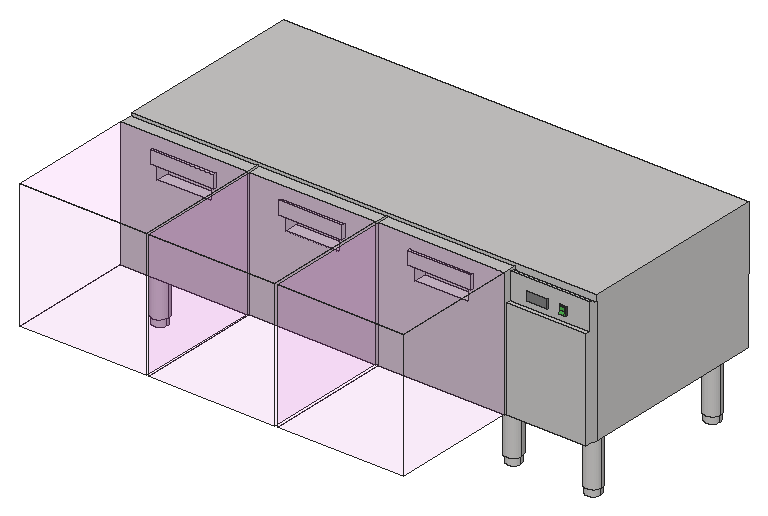
Revit family "QF_ELECTROLUXPROFESSIONAL_371372_E7TTAPCOMKN", category Specialty Equipment, Revit 2018 (continued)
Definition of nested family "01_Refrigerator"
  Lines and regions (mm)
    detail lines, in view "Ref. Level"
      curve 7: line (-59.736, 11.7, 0) -> (-30.311, 17.5, 0)
      curve 8: line (-30.311, -17.5, 0) -> (-59.736, -11.7, 0)
      curve 9: line (-40, -45.883, 0) -> (-30.311, -17.5, 0)
      curve 10: line (0, -35, 0) -> (-19.116, -56.873, 0)
      curve 11: line (19.116, -56.873, 0) -> (0, -35, 0)
      curve 12: line (30.311, -17.5, 0) -> (39.696, -44.992, 0)
      curve 13: line (58.812, -11.882, 0) -> (30.311, -17.5, 0)
      curve 14: line (30.311, 17.5, 0) -> (58.812, 11.882, 0)
      curve 15: line (39.696, 44.992, 0) -> (30.311, 17.5, 0)
      curve 16: spline (-200, 0, 0) -> (-193.185, -23.294, 0) -> (-173.205, -45, 0) -> (-141.421, -63.64, 0) -> (-100, -77.942, 0) -> (-51.764, -86.933, 0) -> (0, -90, 0) -> (51.764, -86.933, 0) -> (100, -77.942, 0) -> (141.421, -63.64, 0) -> (173.205, -45, 0) -> (193.185, -23.294, 0) -> (200, 0, 0) -> (193.185, 23.294, 0) -> (173.205, 45, 0) -> (141.421, 63.64, 0) -> (100, 77.942, 0) -> (51.764, 86.933, 0) -> (0, 90, 0) -> (-51.764, 86.933, 0) -> (-100, 77.942, 0) -> (-141.421, 63.64, 0) -> (-173.205, 45, 0) -> (-193.185, 23.294, 0) -> (-200, 0, 0)
Types (2, lengths in mm): name | Volts | URL Manufacturer | URL | Manufacturer | Phase | Model | Item Number | Description | Cycle
  (no name) | 0 V | "" | "" | "" | 0 | "" | "" | "" | 0 Hz
  Standard | 220 V | "http://professional.electrolux.com" | "http://professional.electrolux.com" | "Electrolux Professional" | 1 | "E7TTAPCOMKN" | "371372" | "REFRIGERATED BASE WITH 3 DRAWERS 1600MM-60HZ - R290" | 60 Hz
